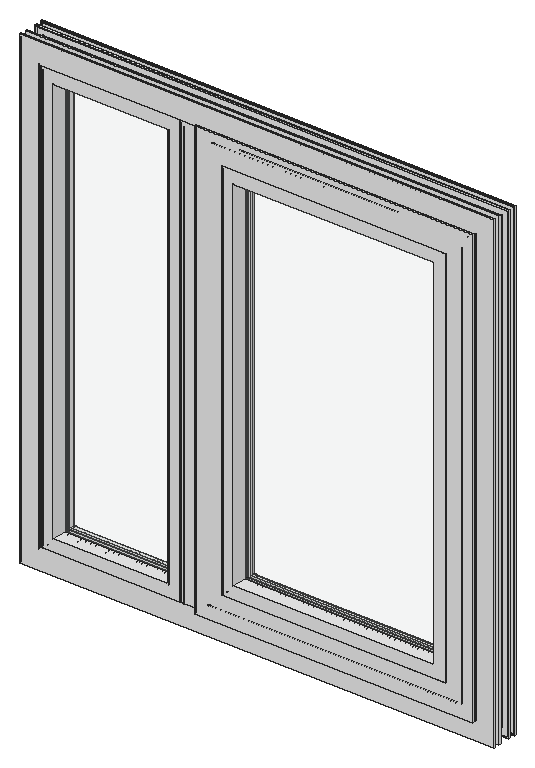
Revit family "Serene_T&T_Window_B_Custom", category Windows, host Wall, Revit 2014
Parameters (values of type "Serene_T&T_Window_B_Custom")
  Windload Design = if(Custom Windload < 1001 mm, 1000 mm, if(Custom Windload < 1501 mm, 1500 mm, 2000 mm))  # 1000 mm
  Width Sash [instance] = 522 mm
  Width = if(Custom Window Width > Limit Window Width Max, Limit Window Width Max, if(Custom Window Width < Limit Window Width Min, Limit Window Width Min, Custom Window Width))  # 890 mm
  Wall Thickness [instance] = 200 mm
  URL = "http://www.crealco.co.za/crealco-products.php"
  Thermal Resistance (R) [instance] = if(and(Custom U Value > 0.5678, 1 / Custom U Value < 36.9087), Custom U Value, if(not(Custom U Value > 0.5678), 1 / 0.5679, 1 / 36.9086)) * 1.0000 (m²·K)/W  # 1.76087 (m²·K)/W
  Solar Heat Gain Coefficient [instance] = if(and(not(Custom SHGC Value < 0), not(Custom SHGC Value > 1)), Custom SHGC Value, if(Custom U Value < 0, 0, 1))  # 0
  Sash Width = if(Custom Sash Width > Limit Sash Width Max, Limit Sash Width Max, if(Custom Sash Width < Limit Sash Width Min, Limit Sash Width Min, Custom Sash Width))  # 522 mm
  Sash Overlap = 28 mm  # constant formula
  Sash Height = Height - (2 * Sash Edge Gap)  # 822 mm
  Sash Frame Gasket = 3.4 mm  # constant formula
  Sash Edge Gap = 34 mm  # constant formula
  Overall Width [instance] = 890 mm
  Overall Height [instance] = 890 mm
  Max System DG Unit Thickness = 20 mm  # constant formula
  Max System DG One Piece Thickness = rounddown((Max System DG Unit Thickness - 12 mm) / 2 mm) * 1 mm  # 4 mm
  Max Pane Area = if(Area Glazing Sash > Area Glazing Fixed Panel, Area Glazing Sash, Area Glazing Fixed Panel)  # 0.304227 m²
  Limit Fixed Panel Width Max = 1800 mm  # constant formula
  Limit Fixed Pane Height Min = 200 mm  # constant formula
  Custom U Value = 0
  Custom SHGC Value = 0
  IGDB or SAGDB Number [instance] = 0
  Height Sash [instance] = 822 mm
  Height = if(Custom Window Height > Limit Window Height Max, Limit Window Height Max, if(Custom Window Height < Limit Window Height Min, Limit Window Height Min, Custom Window Height))  # 890 mm
  Heat Transfer Coefficient (U) [instance] = if(and(Custom U Value > 0.5678, Custom U Value < 36.9087), Custom U Value, if(not(Custom U Value > 0.5678), 0.5679, 36.9086)) * 1.0000 W/(m²·K)  # 0.5679 W/(m²·K)
  Glazing Material [instance] = if(IGDB or SAGDB Number = 1000015, "PFG CLEARVUE 4mm", if(IGDB or SAGDB Number = 9922, "PFG ENERGY ADVANTAGE 4mm LOW-E", if(IGDB or SAGDB Number = 100100, "PFG INTRUDERPRUFE 6.38mm", if(IGDB or SAGDB Number = 103200, "PFG INTRUDERPRUFE LOW-E 7.38mm", if(IGDB or SAGDB Number = 105001, "PFG 20mm CLEARVUE INSULATED GLASS", if(IGDB or SAGDB Number = 105002, "PFG 20mm CLEARVUE INSULATED GLASS LOW-E", "Unknown"))))))  # "Unknown"
  Glazing Code [instance] = if(IGDB or SAGDB Number = 1000015, "CF4", if(IGDB or SAGDB Number = 9922, "CF4E", if(IGDB or SAGDB Number = 100100, "LAM01", if(IGDB or SAGDB Number = 103200, "LAM01E", if(IGDB or SAGDB Number = 105001, "IGU20", if(IGDB or SAGDB Number = 105002, "IGU20E", "Unknown"))))))  # "Unknown"
  Frame Width = 62 mm  # constant formula
  Frame Thickness = 52 mm  # constant formula
  Frame Offset From Exterior [instance] = if(Centered In Wall, (Wall Thickness - Frame Thickness) / 2, Custom Window Exterior Offset)  # 74 mm
  Fixed Panel Width = Width - Sash Width - 34 mm - 34 mm - 40 mm  # 260 mm
  Fixed Panel Height = Height - (2 mm * 40)  # 810 mm
  DG Thickness Calc = if(not(Max Pane Area > 1.125 m²), 4 mm, if(not(Max Pane Area > 2.25 m²), 4 mm, if(not(Max Pane Area > 3.15 m²), 5 mm, if(not(Max Pane Area > 4.35 m²), 6 mm, if(not(Max Pane Area > 6.45 m²), 8 mm, 10 mm)))))  # 4 mm
  DG Thickness [instance] = if(IGDB or SAGDB Number = 105001, 4 mm, if(IGDB or SAGDB Number = 105002, 4 mm, if(DG Thickness Calc > Max System DG One Piece Thickness, Max System DG One Piece Thickness, DG Thickness Calc)))  # 4 mm
  DG Gasket Tickness = 12 mm  # constant formula
  Custom Window Width = 890 mm
  Custom Window Height = 890 mm
  Custom Window Exterior Offset = 0 mm
  Custom Windload = 1000 mm
  Custom Sash Width = 522 mm
  Single Glazing [instance] = not(Double Glazing)  # yes
  SG Thickness [instance] = if(IGDB or SAGDB Number = 1000015, 4 mm, if(IGDB or SAGDB Number = 9922, 4 mm, if(IGDB or SAGDB Number = 100100, 6 mm, if(IGDB or SAGDB Number = 103200, 7 mm, if(not(Max Pane Area > 0.75 m²), 4 mm, if(not(Max Pane Area > 1.50 m²), 4 mm, if(not(Max Pane Area > 2.10 m²), 5 mm, if(not(Max Pane Area > 2.90 m²), 6.4 mm, if(not(Max Pane Area > 4.30 m²), 8 mm, 10 mm)))))))))  # 4 mm
  Model = "Serene"  # constant formula
  Manufacturer = "Crealco"  # constant formula
  Limit Window Width Min = Limit Fixed Panel Width Min + Sash Width + Sash Edge Gap + 34 mm + 40 mm  # 830 mm
  Limit Window Width Max = Limit Fixed Panel Width Max + Sash Width + Sash Edge Gap + 34 mm + 40 mm  # 2430 mm
  Limit Window Height Min = Limit Sash Height Min + (2 * Sash Edge Gap)  # 368 mm
  Limit Window Height Max = Limit Sash Height Max + (2 * Sash Edge Gap)  # 1568 mm
  Limit Sash Width Min = 300 mm  # constant formula
  Limit Sash Width Max = 700 mm  # constant formula
  Limit Sash Height Min = 300 mm  # constant formula
  Limit Sash Height Max = 1500 mm  # constant formula
  Limit Fixed Panel Width Min = 200 mm  # constant formula
  Length Mullion = Height - (2 mm * 40)  # 810 mm
  Glazing Finish [instance] = Glass
  Double Glazing [instance] = no
  Description = "Tilt and turn window, Type B custom"  # constant formula
  Default Sill Height = 800 mm
  Wall Closure = By host
  DG Gasket Finish = Double Glazing Gasket Material
  Centered In Wall = yes
  Area Glazing Sash = (Sash Width - (2 mm * 50.2)) * (Sash Height - (2 mm * 50.2))  # 0.304227 m²
  Area Glazing Fixed Panel = (Fixed Panel Width - 10 mm) * (Fixed Panel Height - 10 mm)  # 0.20 m²
  Aluminium Finish [instance] = White Powder Coated Aluminium
  All Available Glazing Numbers [instance] = "The rows below list the available glazing materials for this window:"  # constant formula
  9922 [instance] = "CF4E"  # constant formula
  105002 [instance] = "IGU20E"  # constant formula
  105001 [instance] = "IGU20"  # constant formula
  103200 [instance] = "LAM01E"  # constant formula
  100100 [instance] = "LAM01"  # constant formula
  1000015 [instance] = "CF4"  # constant formula
Reference planes
  plane 1 "Center (Front/Back)": y = 0
  plane 2 "Center (Left/Right)": x = 0
  plane 3 "Left": x = -445
  plane 4 "Right": x = 445
  plane 5 "Sill": z = 800
  plane 6 "Head": z = 1690
  plane 7 "Exterior": y = 100
  plane 8 "Interior": y = -100
  plane 9: y = 0
Lines and regions (mm)
  Opening 1
    outline origin (3500, -100, 0) x (1, 0, 0) y (0, 0, 1)
      loop
        line (-3055, 800) -> (-3055, 1690) -> (-3945, 1690) -> (-3945, 800) -> (-3055, 800)
Text (mm)
  text "EXTERIOR" at (-1963.203, 1332.353, 0), in view "Ref. Level"
  text "INTERIOR" at (-1981.466, -818.386, 0), in view "Ref. Level"
  text "Exterior" at (0, 923.751, 2943.296), in view "Right"
  text "Exterior" at (0, 1040.484, 2685.409), in view "Left"
Dimensions and locks
  equal spacing: plane 3 "Left", plane 2 "Center (Left/Right)", plane 4 "Right"
  "Width": plane 3 "Left" to plane 4 "Right"
  "Height": plane 5 "Sill" to plane 6 "Head"
  "Default Sill Height": plane 5 "Sill" to level
  locked: plane 7 "Exterior" to host wall at 0
  locked: plane 8 "Interior" to host wall
  "Overall Height": plane 5 "Sill" to plane 6 "Head"
  "Overall Width": plane 3 "Left" to plane 4 "Right"
  "Frame Offset From Exterior": nested 1 to plane 7 "Exterior"
  "Wall Thickness": host wall to host wall
  "Sash Edge Gap": plane 6 "Head" to nested 3
  "Sash Frame Gasket": nested 3 to nested 1
  "Sash Edge Gap": nested 3 to plane 4 "Right"
  "Sash Overlap": nested 3 to nested 2
  "Width Sash": nested 3 to nested 3
  "Height Sash": nested 3 to nested 3
  aligned and locked: plane 9 to host wall
  aligned and locked: nested 1 to plane 4 "Right"
  aligned and locked: nested 1 to plane 6 "Head"
  aligned and locked: nested 2 to nested 1
  aligned and locked: nested 4 to nested 1  (x2)
  aligned and locked: nested 1 to nested 4
Automatic sketch dimensions
  Opening 1 sketch curve to plane 3 "Left" = 0 mm
  Opening 1 sketch curve to plane 4 "Right" = 0 mm
  Opening 1 sketch curve to plane 5 "Sill" = 0 mm
  Opening 1 sketch curve to plane 6 "Head" = 0 mm
Nested families
  nested 1: "Serene_Frame_Rounded_Ext_52mm_B_Cust" at (-445, -26, 800), Frame Width <- "Width", Frame Height <- "Height", Profile Material <- "Aluminium Finish", type "Serene_Frame_Rounded_Ext_52mm_B_Cust"
    with Profile Material White Powder Coated Aluminium, Frame Width 890 mm, Frame Height 890 mm
  nested 2: "Serene_Mullion_44mm_Flat_B_Cust" at (-78.25, -33.553, 840) x (0, 1, 0) z (0, 0, 1), Length Mullion <- "Length Mullion", Profile Material <- "Aluminium Finish", type "Serene_Mullion_44mm_Flat_B_Cust"
    with Profile Material White Powder Coated Aluminium, Length Mullion 810 mm
  nested 3: "Serene_Sash_Open_In_72mm_B_Cust" at (411, -32.8, 834) x (-1, 0, 0) z (0, 0, 1), Profile Material <- "Aluminium Finish", Glazing Material <- "Glazing Finish", Double Glazing Gasket Material <- "DG Gasket Finish", Width Sash <- "Sash Width", Height Sash <- "Sash Height", SG Glazing Thickness <- "SG Thickness", DG Glazing Thickness <- "DG Thickness", DG Gasket Thickness <- "DG Gasket Tickness", Double Glazing <- "Double Glazing", Single Glazing <- "Single Glazing", type "Serene_Sash_Open_In_72mm_B_Cust"
    with Width Sash 522 mm, Width Bead 422 mm, Tilt yes, Single Glazing yes, SG Offset 32.25 mm, SG Glazing Thickness 4 mm, Right Hinged yes, Profile Material White Powder Coated Aluminium, Left Hinged no, Height Sash 822 mm, Height Bead 722 mm, Glazing Width 421.6 mm, Glazing Material Glass, Glazing Height 721.6 mm, Double Glazing Gasket Material Double Glazing Gasket Material, Double Glazing no, DG Offset 18.75 mm, DG Glazing Thickness 4 mm, DG Gasket Thickness 12 mm
  nested 4: "Serene_Fixed_Panel_B_Cust" at (-405, -26, 840), Profile Material <- "Aluminium Finish", Glazing Material <- "Glazing Finish", Double Glazing Gasket Material <- "DG Gasket Finish", SG Thickness <- "SG Thickness", Fixed Panel Width <- "Fixed Panel Width", Fixed Panel Height <- "Fixed Panel Height", DG Thickness <- "DG Thickness", Single Glazing <- "Single Glazing", Double Glazing <- "Double Glazing", type "Serene_Fixed_Panel_B_Cust"
    with Single Glazing yes, SG Thickness 4 mm, SG Space Available 13 mm, SG Offset 4.5 mm, Profile Material White Powder Coated Aluminium, Glazing Width 250 mm, Glazing Material Glass, Glazing Height 800 mm, Fixed Panel Width 260 mm, Fixed Panel Height 810 mm, Double Glazing Gasket Material Double Glazing Gasket Material, Double Glazing no, DG Thickness 4 mm, DG Space Available 24 mm, DG Offset 2 mm, DG Gasket Thickness 12 mm
  nested 5: "Serene_Single_Glazing_Tilt_&_Turn_B_Cust" at (360.8, 3.45, 884.2), type "Serene_Single_Glazing_Tilt_&_Turn_B_Cust"
    with Tilt yes, Right Hinged yes, Left Hinged no, Half Width 210.8 mm, Half Height 360.8 mm, Glazing Width 421.6 mm, Glazing Thickness SG 4 mm, Glazing Material Glass, Glazing Height 721.6 mm
  nested 6: "Serene_Single_Glazing_Fixed_B_Cust" at (-150, 10, 845), type "Serene_Single_Glazing_Fixed_B_Cust"
    with Glazing Width 250 mm, Glazing Thickness SG 4 mm, Glazing Material Glass, Glazing Height 800 mm
Definition of nested family "Serene_Frame_Rounded_Ext_52mm_B_Cust"
  Parameters (values of type "Serene_Frame_Rounded_Ext_52mm")
    Profile Material [instance] = none
    Frame Width [instance] = 600 mm
    Frame Height [instance] = 900 mm
  Reference planes
    plane 1 "Center (Front/Back)": y = 0
    plane 2: z = 0
    plane 3 "Center (Left/Right)": x = 0
  Forms (mm)
    Sweep 1, solid, material <- "Profile Material"
      path origin (0, 0, 0) x (1, 0, 0) y (0, 0, 1)
        loop
          line (0, 0) -> (600, 0) -> (600, 900) -> (0, 900) -> (0, 0)
      profile origin (300, 0, 0) x (0, 0, 1) y (0, -1, 0)
        loop
          line (32.05, -9) -> (32.05, -8) -> (33.7, -8) -> (33.7, -1.3) -> (15.1, -1.3) -> (15.1, -8) -> (16.75, -8) -> (16.75, -9) -> (15.1, -9) -> (15.1, -42.5) -> (16.75, -42.5) -> (16.75, -43.5) -> (15.1, -43.5) -> (15.1, -50.7) -> (33.7, -50.7) -> (33.7, -43.5) -> (32.05, -43.5) -> (32.05, -42.5) -> (33.7, -42.5) -> (33.7, -9) -> (32.05, -9)
        loop
          arc (52.4, -49.7) -> (52.107, -48.993) -> (51.4, -48.7) r 1
          line (51.4, -48.7) -> (50.4, -48.7)
          arc (50.4, -48.7) -> (49.9, -49.2) -> (50.4, -49.7) r 0.5
          line (50.4, -49.7) -> (51.2, -49.7) -> (51.2, -50.7) -> (35, -50.7) -> (35, -49.7) -> (36, -49.7)
          arc (36, -49.7) -> (36.5, -49.2) -> (36, -48.7) r 0.5
          line (36, -48.7) -> (35, -48.7) -> (35, -35.9) -> (40, -35.9) -> (40, -32.956) -> (38.5, -31.79) -> (38.5, -34.6) -> (35, -34.6) -> (35, -21.1) -> (38.5, -21.1) -> (38.5, -26.41) -> (40, -25.244) -> (40, -18.807) -> (38, -17.818) -> (38, -19.5) -> (35, -19.5) -> (35, -1.5) -> (38, -1.5) -> (38, -4.182) -> (40, -3.193) -> (40, 0) -> (0, 0) -> (0, -2.7) -> (1.3, -2.7) -> (1.3, -1.5) -> (13.8, -1.5) -> (13.8, -13.05) -> (0, -13.05) -> (0, -16.05) -> (1.3, -16.05) -> (1.3, -14.35) -> (13.8, -14.35) -> (13.8, -37.65) -> (1.3, -37.65) -> (1.3, -35.95) -> (0, -35.95) -> (0, -38.95) -> (13.8, -38.95) -> (13.8, -50.5) -> (1.3, -50.5) -> (1.3, -49.3) -> (0, -49.3) -> (0, -52) -> (58, -52)
          arc (58, -52) -> (60.828, -50.828) -> (62, -48) r 4
          line (62, -48) -> (62, -40.5) -> (59.5, -40.5) -> (59.5, -41.7) -> (60.7, -41.7) -> (60.7, -43.7) -> (55.5, -43.7) -> (55.5, -41.7) -> (56.7, -41.7) -> (56.7, -40.5) -> (54.2, -40.5) -> (54.2, -44)
          arc (54.2, -44) -> (54.493, -44.707) -> (55.2, -45) r 1
          line (55.2, -45) -> (60.7, -45) -> (60.7, -48)
          arc (60.7, -48) -> (59.909, -49.909) -> (58, -50.7) r 2.7
          line (58, -50.7) -> (52.4, -50.7) -> (52.4, -49.7)
  Lines and regions (mm)
    model lines, style "GenericModel"
      curve 1: line (600, 52, 900) -> (541.992, 52, 841.992)
      curve 2: line (0, 52, 900) -> (58.006, 52, 841.994)
      curve 3: line (0, 52, 0) -> (58.008, 52, 58.008)
      curve 4: line (600, 52, 0) -> (541.992, 52, 58.008)
      curve 5: line (0, 0, 900) -> (40, 0, 860)
      curve 6: line (600, 0, 900) -> (560, 0, 860)
      curve 7: line (600, 0, 0) -> (560, 0, 40)
      curve 8: line (0, 0, 0) -> (40, 0, 40)
  Dimensions and locks
    "Frame Width": Sweep 1 sketch curve to Sweep 1 sketch curve
    "Frame Height": Sweep 1 sketch curve to Sweep 1 sketch curve
    aligned and locked: level to plane 2
  Automatic sketch dimensions
    Sweep 1 sketch curve to Sweep 1 sketch curve = 0 mm  (x9)
    Sweep 1 sketch curve to profile plane = 0 mm  (x4)
    Sweep 1 sketch curve to Sweep 1 sketch curve = 1.3 mm  (x13)
    Sweep 1 sketch curve to Sweep 1 sketch curve = 12.5 mm  (x2)
    Sweep 1 sketch curve to Sweep 1 sketch curve = 1.65 mm  (x4)
    Sweep 1 sketch curve to Sweep 1 sketch curve = 15.3 mm  (x2)
    Sweep 1 sketch curve to Sweep 1 sketch curve = 1 mm  (x10)
    Sweep 1 sketch curve to Sweep 1 sketch curve = 3 mm  (x3)
    Sweep 1 sketch curve to Sweep 1 sketch curve = 0.5 mm  (x2)
    Sweep 1 sketch curve to Sweep 1 sketch curve = 3.5 mm
    Sweep 1 sketch curve to Sweep 1 sketch curve = 2 mm  (x3)
    Sweep 1 sketch curve to Sweep 1 sketch curve = 1.5 mm  (x3)
    Sweep 1 sketch curve to Sweep 1 sketch curve = 14.4 mm
    Sweep 1 sketch curve to Sweep 1 sketch curve = 0.8 mm
    Sweep 1 sketch curve to Sweep 1 sketch curve = 0.2 mm  (x3)
    Sweep 1 sketch curve to Sweep 1 sketch curve = 2.8 mm  (x3)
    Sweep 1 sketch curve to Sweep 1 sketch curve = 0.3 mm
    Sweep 1 sketch curve to Sweep 1 sketch curve = 1.2 mm  (x6)
    Sweep 1 sketch curve to plane 1 "Center (Front/Back)" = 52 mm
    Sweep 1 sketch curve to Sweep 1 sketch curve = 5.2 mm
    Sweep 1 sketch curve to Sweep 1 sketch curve = 7 mm
    Sweep 1 sketch curve to Sweep 1 sketch curve = 10.35 mm  (x2)
    Sweep 1 sketch curve to Sweep 1 sketch curve = 1.7 mm  (x2)
    Sweep 1 sketch curve to Sweep 1 sketch curve = 6.6 mm
    Sweep 1 sketch curve to Sweep 1 sketch curve = 1.644 mm
    Sweep 1 sketch curve to Sweep 1 sketch curve = 1.167 mm  (x2)
    Sweep 1 sketch curve to Sweep 1 sketch curve = 5.379 mm
    Sweep 1 sketch curve to Sweep 1 sketch curve = 4.144 mm
    Sweep 1 sketch curve to Sweep 1 sketch curve = 1.6 mm
    Sweep 1 sketch curve to Sweep 1 sketch curve = 0.693 mm
    Sweep 1 sketch curve to Sweep 1 sketch curve = 1.682 mm
    Sweep 1 sketch curve to Sweep 1 sketch curve = 19.9 mm
    Sweep 1 sketch curve to Sweep 1 sketch curve = 8.818 mm
    Sweep 1 sketch curve to Sweep 1 sketch curve = 4.05 mm
    Sweep 1 sketch curve to Sweep 1 sketch curve = 3.818 mm
    Sweep 1 sketch curve to Sweep 1 sketch curve = 0.99 mm
    Sweep 1 sketch curve to Sweep 1 sketch curve = 6.5 mm
    Sweep 1 sketch curve to Sweep 1 sketch curve = 1.693 mm
    curve 1 to Sweep 1 = 0 mm
    Sweep 1 to curve 1 = 0 mm
    curve 2 to Sweep 1 = 0 mm  (x2)
    curve 3 to Sweep 1 = 0 mm  (x2)
    curve 4 to Sweep 1 = 0 mm  (x2)
    curve 2 to Sweep 1 = 0.006 mm  (x2)
    curve 3 to Sweep 1 = 0.008 mm  (x2)
    curve 1 to Sweep 1 = 0.008 mm  (x2)
    curve 4 to Sweep 1 = 0.008 mm  (x2)
    curve 5 to Sweep 1 = 0 mm  (x4)
    curve 6 to Sweep 1 = 0 mm  (x4)
    curve 7 to Sweep 1 = 0 mm  (x3)
    Sweep 1 to curve 7 = 0 mm
    curve 8 to Sweep 1 = 0 mm  (x3)
    Sweep 1 to curve 8 = 0 mm
    Sweep 1 sketch curve to plane 3 "Center (Left/Right)" = 0 mm
    Sweep 1 sketch curve to level = 0 mm
Definition of nested family "Serene_Mullion_44mm_Flat_B_Cust"
  Parameters (values of type "Serene_Mullion_44mm_Flat")
    Profile Material [instance] = none
    Length Mullion [instance] = 250 mm
    Length Cut = 22 mm
  Reference planes
    plane 1 "Center (Front/Back)": y = 0
    plane 2: z = 0
    plane 3 "Center (Left/Right)": x = 0
  Forms (mm)
    Extrusion 1, solid, material <- "Profile Material"
      sketch origin (0, 0, 0) x (1, 0, 0) y (0, 1, 0)
        loop
          line (9.056, 33.15) -> (50.755, 33.15) -> (50.755, 60.35) -> (9.056, 60.35) -> (9.056, 33.15)
        loop
          line (52.256, 88.75) -> (48.053, 88.75) -> (48.053, 86.25) -> (49.253, 86.25) -> (49.253, 87.45) -> (50.757, 87.45) -> (50.757, 82.25) -> (49.253, 82.25) -> (49.253, 83.45) -> (48.053, 83.45) -> (48.053, 80.95) -> (50.755, 80.95) -> (50.755, 61.75) -> (43.453, 61.75) -> (43.453, 66.75) -> (40.51, 66.75) -> (39.343, 65.25) -> (42.153, 65.25) -> (42.153, 61.75) -> (28.653, 61.75) -> (28.653, 65.25) -> (33.964, 65.25) -> (32.797, 66.75) -> (26.361, 66.75) -> (25.371, 64.75) -> (27.053, 64.75) -> (27.053, 61.75) -> (9.053, 61.75) -> (9.053, 64.75) -> (11.736, 64.75) -> (10.746, 66.75) -> (7.553, 66.75) -> (7.553, 26.749) -> (10.746, 26.749) -> (11.736, 28.749) -> (9.053, 28.749) -> (9.053, 31.749) -> (27.053, 31.749) -> (27.053, 28.749) -> (25.371, 28.749) -> (26.361, 26.749) -> (32.797, 26.749) -> (33.964, 28.249) -> (28.653, 28.249) -> (28.653, 31.749) -> (42.153, 31.749) -> (42.153, 28.249) -> (39.343, 28.249) -> (40.51, 26.749) -> (43.453, 26.749) -> (43.453, 31.749) -> (50.755, 31.749) -> (50.755, 12.55) -> (48.053, 12.55) -> (48.053, 10.05) -> (49.253, 10.05) -> (49.253, 11.25) -> (50.757, 11.25) -> (50.757, 6.05) -> (49.253, 6.05) -> (49.253, 7.25) -> (48.053, 7.25) -> (48.053, 4.75) -> (52.256, 4.75) -> (52.256, 88.75)
      from 0 to 250 <- "Length Mullion"
    Extrusion 2, void
      sketch origin (0, 0, 250) x (0, 1, 0) y (1, 0, 0)
        loop
          line (88.75, 48.053) -> (88.75, 52.256) -> (4.75, 52.256) -> (4.75, 48.053) -> (88.75, 48.053)
      from 0 to 22 <- "Length Cut"
    Extrusion 3, void
      sketch origin (0, 0, 0) x (1, 0, 0) y (0, 1, 0)
        loop
          line (48.053, 4.75) -> (52.256, 4.75) -> (52.256, 88.75) -> (48.053, 88.75) -> (48.053, 4.75)
      from 0 to 22 <- "Length Cut"
  Cuts and joins
    Extrusion 2, Extrusion 3 cuts Extrusion 1
  Dimensions and locks
    aligned and locked: level to plane 2
Definition of nested family "Serene_Sash_Open_In_72mm_B_Cust"
  Parameters (values of type "Serene_Sash_Open_In_72mm")
    Width Sash [instance] = 600 mm
    Width Bead [instance] = Width Sash - (Bead Edge Offset * 2)  # 500 mm
    Tilt [instance] = yes
    Single Glazing [instance] = yes
    SG Offset [instance] = Rear Glazing Channel Offset - SG Available Space + ((SG Available Space - SG Glazing Thickness) / 2)  # 32.25 mm
    SG Glazing Thickness [instance] = 4 mm
    SG Available Space = 13.5 mm  # constant formula
    Right Hinged [instance] = yes
    Rear Glazing Channel Offset = 41 mm  # constant formula
    Profile Material [instance] = none
    Left Hinged [instance] = yes
    Height Sash [instance] = 900 mm
    Height Bead [instance] = Height Sash - (Bead Edge Offset * 2)  # 800 mm
    Glazing Width [instance] = Width Sash - (Glazing Edge Offset * 2)  # 499.6 mm
    Glazing Material [instance] = Glass
    Glazing Height [instance] = Height Sash - (Glazing Edge Offset * 2)  # 799.6 mm
    Glazing Edge Offset = 50.2 mm  # constant formula
    Double Glazing Gasket Material [instance] = none
    Double Glazing [instance] = yes
    DG Offset [instance] = Rear Glazing Channel Offset - DG Available Space + ((DG Available Space - DG Gasket Thickness - (2 * DG Glazing Thickness)) / 2)  # 18.75 mm
    DG Glazing Thickness [instance] = 4 mm
    DG Gasket Thickness [instance] = 12 mm
    DG Available Space = 24.5 mm  # constant formula
    Bead Edge Offset = 50 mm  # constant formula
  Reference planes
    plane 1 "Center (Front/Back)": y = 0
    plane 2: z = 0
    plane 3 "Center (Left/Right)": x = 0
  Forms (mm)
    Sweep 1, solid, material <- "Profile Material"
      path origin (0, 0, 0) x (1, 0, 0) y (0, 0, 1)
        loop
          line (0, 0) -> (600, 0) -> (600, 900) -> (0, 900) -> (0, 0)
      profile origin (300, 0, 0) x (0, 0, 1) y (0, -1, 0)
        loop
          line (21.76, 25.1) -> (23.96, 25.1) -> (23.96, 10.1) -> (21.76, 10.1) -> (21.76, 7.4) -> (18.76, 7.4) -> (18.76, 10.524) -> (17.46, 9.224) -> (17.46, 7.1)
          arc (17.46, 7.1) -> (17.753, 6.393) -> (18.46, 6.1) r 1
          line (18.46, 6.1) -> (23.96, 6.1) -> (23.96, 3.4) -> (22.8, 3.4)
          arc (22.8, 3.4) -> (22.3, 2.9) -> (22.8, 2.4) r 0.5
          line (22.8, 2.4) -> (23.96, 2.4) -> (23.96, 1.3) -> (7.7, 1.3) -> (7.7, 2.4) -> (8.5, 2.4) -> (8.5, 3.4) -> (5.3, 3.4) -> (5.3, 2.4) -> (6.6, 2.4) -> (6.6, 1.1) -> (1.2, 1.1) -> (1.2, 2.4) -> (2.5, 2.4) -> (2.5, 3.4) -> (0, 3.4) -> (0, 0) -> (49.96, 0) -> (49.96, 3.18) -> (48.16, 4.22) -> (48.16, 1.5) -> (45.16, 1.5) -> (45.16, 20.1) -> (48.16, 20.1) -> (48.16, 17.88) -> (49.96, 18.92) -> (49.96, 21.6) -> (45.16, 21.6) -> (45.16, 40) -> (37.96, 47) -> (37.96, 50.7) -> (43.96, 50.7) -> (43.96, 49.3)
          arc (43.96, 49.3) -> (44.253, 48.593) -> (44.96, 48.3) r 1
          line (44.96, 48.3) -> (46.21, 48.3)
          arc (46.21, 48.3) -> (46.71, 48.8) -> (46.21, 49.3) r 0.5
          line (46.21, 49.3) -> (44.96, 49.3) -> (44.96, 50.7) -> (61.46, 50.7) -> (61.46, 49.3) -> (60.21, 49.3)
          arc (60.21, 49.3) -> (59.71, 48.8) -> (60.21, 48.3) r 0.5
          line (60.21, 48.3) -> (61.46, 48.3)
          arc (61.46, 48.3) -> (62.167, 48.593) -> (62.46, 49.3) r 1
          line (62.46, 49.3) -> (62.46, 50.7) -> (66.96, 50.7)
          arc (66.96, 50.7) -> (69.576, 49.616) -> (70.66, 47) r 3.7
          line (70.66, 47) -> (70.66, 45.5) -> (64.16, 45.5) -> (64.16, 41) -> (66.66, 41) -> (66.66, 42.2) -> (65.46, 42.2) -> (65.46, 44.2) -> (70.66, 44.2) -> (70.66, 42.2) -> (69.46, 42.2) -> (69.46, 41) -> (71.96, 41) -> (71.96, 47)
          arc (71.96, 47) -> (70.496, 50.536) -> (66.96, 52) r 5
          line (66.96, 52) -> (33.006, 52) -> (33.006, 50.7) -> (34.46, 50.7) -> (36.66, 50.7) -> (36.66, 47.3) -> (26.46, 47.3) -> (23.536, 47.3) -> (24.836, 46) -> (26.96, 46) -> (26.96, 35.2) -> (23.935, 35.2) -> (18.293, 34.246)
          arc (18.293, 34.246) -> (17.696, 33.906) -> (17.46, 33.26) r 1
          line (17.46, 33.26) -> (17.46, 25.976) -> (18.76, 24.676) -> (18.76, 27.3) -> (21.76, 27.3) -> (21.76, 25.1)
        loop
          line (43.86, 33.9) -> (42.16, 33.9) -> (42.16, 35.2) -> (43.86, 35.2) -> (43.86, 39.451) -> (37.124, 46) -> (28.26, 46) -> (28.26, 34.9)
          arc (28.26, 34.9) -> (27.967, 34.193) -> (27.26, 33.9) r 1
          line (27.26, 33.9) -> (24.094, 33.9) -> (18.76, 33.007) -> (18.76, 28.6) -> (22.06, 28.6)
          arc (22.06, 28.6) -> (22.767, 28.307) -> (23.06, 27.6) r 1
          line (23.06, 27.6) -> (23.06, 26.4) -> (24.26, 26.4)
          arc (24.26, 26.4) -> (24.967, 26.107) -> (25.26, 25.4) r 1
          line (25.26, 25.4) -> (25.26, 24.337) -> (25.26, 9.8)
          arc (25.26, 9.8) -> (24.967, 9.093) -> (24.26, 8.8) r 1
          line (24.26, 8.8) -> (23.06, 8.8) -> (23.06, 7.4) -> (24.26, 7.4)
          arc (24.26, 7.4) -> (24.967, 7.107) -> (25.26, 6.4) r 1
          line (25.26, 6.4) -> (25.26, 1.3) -> (43.86, 1.3) -> (43.86, 33.9)
  Lines and regions (mm)
    model lines, style "GenericModel"
      curve 1: line (600, 0, 900) -> (550.04, 0, 850.04)
      curve 2: line (0, 0, 900) -> (49.96, 0, 850.04)
      curve 3: line (0, 0, 0) -> (49.96, 0, 49.96)
      curve 4: line (600, 0, 0) -> (550.04, 0, 49.96)
      curve 5: line (33.953, -50.7, 866.047) -> (66.968, -50.7, 833.032)
      curve 6: line (566.047, -50.7, 866.047) -> (533, -50.7, 833)
      curve 7: line (566.047, -50.7, 33.953) -> (533.032, -50.7, 66.968)
      curve 8: line (33.953, -50.7, 33.953) -> (66.968, -50.7, 66.968)
      curve 9: line (33.006, -52, 866.994) -> (66.968, -52, 833.032)
      curve 10: line (566.994, -52, 866.994) -> (533, -52, 833)
      curve 11: line (33.006, -52, 33.006) -> (66.968, -52, 66.968)
      curve 12: line (566.994, -52, 33.006) -> (533.032, -52, 66.968)
      curve 13: line (23.536, -47.3, 876.464) -> (33.006, -47.3, 866.994)
      curve 14: line (576.464, -47.3, 876.464) -> (566.994, -47.3, 866.994)
      curve 15: line (576.464, -47.3, 23.536) -> (566.994, -47.3, 33.006)
      curve 16: line (23.536, -47.3, 23.536) -> (33.006, -47.3, 33.006)
  Dimensions and locks
    "Width Sash": Sweep 1 sketch curve to Sweep 1 sketch curve
    "Height Sash": Sweep 1 sketch curve to Sweep 1 sketch curve
    "Bead Edge Offset": nested 1 to plane 2
    "Bead Edge Offset": nested 2 to plane 2
    "Bead Edge Offset": plane 3 "Center (Left/Right)" to nested 1
    "Bead Edge Offset": plane 3 "Center (Left/Right)" to nested 2
    "Glazing Edge Offset": plane 3 "Center (Left/Right)" to nested 3
    "Glazing Edge Offset": nested 3 to plane 2
    "SG Offset": nested 3 to plane 1 "Center (Front/Back)"
    "DG Offset": nested 4 to plane 1 "Center (Front/Back)"
    "Glazing Edge Offset": plane 3 "Center (Left/Right)" to nested 4
    "Glazing Edge Offset": nested 4 to level
    aligned and locked: level to plane 2
    aligned and locked: nested 1 to plane 1 "Center (Front/Back)"
    aligned and locked: nested 2 to plane 1 "Center (Front/Back)"
  Automatic sketch dimensions
    curve 1 to Sweep 1 = 0 mm  (x3)
    Sweep 1 to curve 1 = 0 mm
    curve 2 to Sweep 1 = 0 mm  (x3)
    Sweep 1 to curve 2 = 0 mm
    curve 3 to Sweep 1 = 0 mm  (x4)
    curve 4 to Sweep 1 = 0 mm  (x4)
    curve 8 to Sweep 1 = 30.308 mm  (x2)
    curve 5 to Sweep 1 = 30.308 mm  (x2)
    curve 6 to Sweep 1 = 30.34 mm  (x2)
    curve 7 to Sweep 1 = 30.308 mm  (x2)
    Sweep 1 sketch curve to Sweep 1 sketch curve = 0 mm  (x12)
    Sweep 1 sketch curve to plane 1 "Center (Front/Back)" = 0 mm
    profile plane to Sweep 1 sketch curve = 0 mm
    Sweep 1 sketch curve to profile plane = 1.2 mm
    Sweep 1 sketch curve to Sweep 1 sketch curve = 1.3 mm  (x21)
    Sweep 1 sketch curve to Sweep 1 sketch curve = 2.8 mm  (x2)
    Sweep 1 sketch curve to Sweep 1 sketch curve = 1.1 mm  (x2)
    Sweep 1 sketch curve to Sweep 1 sketch curve = 0.8 mm
    Sweep 1 sketch curve to profile plane = 17.46 mm
    Sweep 1 sketch curve to Sweep 1 sketch curve = 8.96 mm
    Sweep 1 sketch curve to Sweep 1 sketch curve = 0.833 mm
    Sweep 1 sketch curve to Sweep 1 sketch curve = 0.167 mm
    Sweep 1 sketch curve to Sweep 1 sketch curve = 1 mm  (x10)
    Sweep 1 sketch curve to Sweep 1 sketch curve = 3 mm  (x4)
    Sweep 1 sketch curve to Sweep 1 sketch curve = 0.3 mm  (x6)
    plane 1 "Center (Front/Back)" to Sweep 1 sketch curve = 3.4 mm
    Sweep 1 sketch curve to Sweep 1 sketch curve = 1.04 mm
    Sweep 1 sketch curve to Sweep 1 sketch curve = 5.242 mm
    Sweep 1 sketch curve to Sweep 1 sketch curve = 5.175 mm
    Sweep 1 sketch curve to Sweep 1 sketch curve = 0.9 mm
    Sweep 1 sketch curve to Sweep 1 sketch curve = 1.16 mm
    Sweep 1 sketch curve to Sweep 1 sketch curve = 0.158 mm
    Sweep 1 sketch curve to Sweep 1 sketch curve = 1.2 mm  (x6)
    Sweep 1 sketch curve to Sweep 1 sketch curve = 1.624 mm
    Sweep 1 sketch curve to Sweep 1 sketch curve = 0.5 mm  (x3)
    Sweep 1 sketch curve to Sweep 1 sketch curve = 4.746 mm
    Sweep 1 sketch curve to Sweep 1 sketch curve = 1.454 mm
    Sweep 1 sketch curve to Sweep 1 sketch curve = 2.2 mm
    Sweep 1 sketch curve to Sweep 1 sketch curve = 0.464 mm
    Sweep 1 sketch curve to Sweep 1 sketch curve = 0.836 mm
    Sweep 1 sketch curve to Sweep 1 sketch curve = 5.036 mm
    plane 1 "Center (Front/Back)" to Sweep 1 sketch curve = 1.3 mm
    Sweep 1 sketch curve to Sweep 1 sketch curve = 18.6 mm
    Sweep 1 sketch curve to Sweep 1 sketch curve = 1.7 mm
    Sweep 1 sketch curve to Sweep 1 sketch curve = 6 mm
    Sweep 1 sketch curve to Sweep 1 sketch curve = 1.25 mm  (x2)
    plane 1 "Center (Front/Back)" to Sweep 1 sketch curve = 17.88 mm
    plane 1 "Center (Front/Back)" to Sweep 1 sketch curve = 18.92 mm
    Sweep 1 sketch curve to Sweep 1 sketch curve = 1.8 mm  (x2)
    Sweep 1 sketch curve to Sweep 1 sketch curve = 14 mm
    Sweep 1 sketch curve to Sweep 1 sketch curve = 2.7 mm  (x2)
    Sweep 1 sketch curve to Sweep 1 sketch curve = 1.5 mm  (x3)
    plane 1 "Center (Front/Back)" to Sweep 1 sketch curve = 1.1 mm
    plane 1 "Center (Front/Back)" to Sweep 1 sketch curve = 1.5 mm
    Sweep 1 sketch curve to Sweep 1 sketch curve = 1.68 mm
    Sweep 1 sketch curve to Sweep 1 sketch curve = 1.039 mm
    Sweep 1 sketch curve to Sweep 1 sketch curve = 1.4 mm  (x2)
    Sweep 1 sketch curve to Sweep 1 sketch curve = 2.124 mm
    Sweep 1 sketch curve to Sweep 1 sketch curve = 2.22 mm
    Sweep 1 sketch curve to Sweep 1 sketch curve = 14.237 mm
    Sweep 1 sketch curve to Sweep 1 sketch curve = 0.339 mm
    Sweep 1 sketch curve to Sweep 1 sketch curve = 0.763 mm
    Sweep 1 sketch curve to Sweep 1 sketch curve = 1.063 mm
    Sweep 1 sketch curve to Sweep 1 sketch curve = 1.324 mm
    Sweep 1 sketch curve to Sweep 1 sketch curve = 4.407 mm
    Sweep 1 sketch curve to Sweep 1 sketch curve = 0.254 mm
    Sweep 1 sketch curve to Sweep 1 sketch curve = 5.3 mm
    Sweep 1 sketch curve to Sweep 1 sketch curve = 12.3 mm
    Sweep 1 sketch curve to Sweep 1 sketch curve = 4.251 mm
    Sweep 1 sketch curve to Sweep 1 sketch curve = 0.549 mm
    Sweep 1 sketch curve to Sweep 1 sketch curve = 2 mm
    Sweep 1 sketch curve to Sweep 1 sketch curve = 10.8 mm
    Sweep 1 sketch curve to Sweep 1 sketch curve = 2.4 mm
    Sweep 1 sketch curve to Sweep 1 sketch curve = 3.4 mm
    curve 5 to Sweep 1 = 0.947 mm  (x2)
    curve 8 to Sweep 1 = 0.947 mm  (x2)
    curve 7 to Sweep 1 = 0.947 mm  (x2)
    curve 6 to Sweep 1 = 0.947 mm  (x2)
    curve 9 to Sweep 1 = 0 mm  (x2)
    curve 10 to Sweep 1 = 0 mm  (x2)
    Sweep 1 to curve 11 = 0 mm
    curve 11 to Sweep 1 = 0 mm
    curve 12 to Sweep 1 = 0 mm  (x2)
    curve 11 to Sweep 1 = 0.008 mm
    curve 9 to Sweep 1 = 0.008 mm  (x2)
    curve 10 to Sweep 1 = 0.04 mm  (x2)
    curve 12 to Sweep 1 = 0.008 mm
    Sweep 1 to curve 12 = 0.008 mm
    Sweep 1 to curve 11 = 0.008 mm
    curve 13 to Sweep 1 = 0 mm  (x2)
    curve 14 to Sweep 1 = 0 mm  (x2)
    curve 15 to Sweep 1 = 0 mm
    Sweep 1 to curve 15 = 0 mm
    curve 16 to Sweep 1 = 0 mm  (x2)
    Sweep 1 to curve 16 = 3.654 mm
    Sweep 1 to curve 13 = 3.654 mm  (x2)
    Sweep 1 to curve 15 = 3.654 mm
    Sweep 1 to curve 14 = 3.654 mm  (x2)
    curve 15 to Sweep 1 = 3.654 mm
    curve 16 to Sweep 1 = 3.654 mm
    Sweep 1 sketch curve to plane 3 "Center (Left/Right)" = 0 mm
    Sweep 1 sketch curve to level = 0 mm
  Nested families
    nested 1: "Serene_Bead_Square_12mm" at (550, 0, 50) x (-1, 0, 0) z (0, 0, 1), visible <- "Single Glazing", Profile Material <- "Profile Material", Width Bead <- "Width Bead", Height Bead <- "Height Bead", type "Serene_Bead_Square_12mm"
      with Width Bead 500 mm, Profile Material none, Height Bead 800 mm
    nested 2: "Serene_Bead_D_Glazing_Square" at (550, 0, 50) x (-1, 0, 0) z (0, 0, 1), Profile Material <- "Profile Material", visible <- "Double Glazing", Width Bead <- "Width Bead", Height Bead <- "Height Bead", type "Serene_Bead_D_Glazing_Square"
      with Width Bead 500 mm, Profile Material none, Height Bead 800 mm
    nested 3: "Serene_Single_Glazing_Tilt_&_Turn_B_Cust" at (50.2, -36.25, 50.2) x (-1, 0, 0) z (0, 0, 1), Glazing Width <- "Glazing Width", Glazing Height <- "Glazing Height", visible <- "Single Glazing", Glazing Material <- "Glazing Material", Glazing Thickness SG <- "SG Glazing Thickness", Tilt <- "Tilt", Right Hinged <- "Right Hinged", Left Hinged <- "Left Hinged", type "Serene_Single_Glazing_Tilt_&_Turn_B_Cust"
      with Tilt yes, Right Hinged yes, Left Hinged yes, Half Width 249.8 mm, Half Height 399.8 mm, Glazing Width 499.6 mm, Glazing Thickness SG 4 mm, Glazing Material Glass, Glazing Height 799.6 mm
    nested 4: "Serene_Double_Glazing_Tilt_&_Turn_B_Cust" at (50.2, -38.75, 50.2) x (-1, 0, 0) z (0, 0, 1), Glazing Width <- "Glazing Width", Glazing Height <- "Glazing Height", Glazing Thickness DG <- "DG Glazing Thickness", Double Glazing Gasket Thickness <- "DG Gasket Thickness", Double Glazing Gasket Material <- "Double Glazing Gasket Material", Glazing Material <- "Glazing Material", visible <- "Double Glazing", Tilt <- "Tilt", Left Hinged <- "Left Hinged", Right Hinged <- "Right Hinged", type "Serene_Double_Glazing_Tilt_&_Turn_B_Cust"
      with Tilt yes, Right Hinged yes, Left Hinged yes, Half Width 249.8 mm, Half Height 399.8 mm, Glazing Width 499.6 mm, Glazing Thickness DG 4 mm, Glazing Material Glass, Glazing Height 799.6 mm, Double Glazing Gasket Thickness 12 mm, Double Glazing Gasket Material none
  Definition of nested family "Serene_Bead_Square_12mm"
    Parameters (values of type "Serene_Bead_Square_12mm")
      Profile Material [instance] = none
      Width Bead [instance] = 600 mm
      Height Bead [instance] = 900 mm
    Reference planes
      plane 1 "Center (Front/Back)": y = 0
      plane 2: z = 0
      plane 3 "Center (Left/Right)": x = 0
    Forms (mm)
      Sweep 1, solid, material <- "Profile Material"
        path origin (0, 0, 0) x (1, 0, 0) y (0, 0, 1)
          loop
            line (0, 0) -> (600, 0) -> (600, 900) -> (0, 900) -> (0, 0)
        profile origin (300, 0, 0) x (0, 0, 1) y (0, -1, 0)
          loop
            line (20.8, -26.3) -> (19.6, -26.3) -> (19.6, -27.5) -> (22, -27.5) -> (22, 0) -> (0, 0) -> (0, -1.2) -> (1.2, -1.2) -> (1.2, -4.2) -> (-1.876, -4.2) -> (-1.876, -3.293) -> (-3.909, -4.467)
            arc (-3.909, -4.467) -> (-4.142, -5.029) -> (-3.659, -5.4) r 0.5
            line (-3.659, -5.4) -> (1.4, -5.4)
            arc (1.4, -5.4) -> (2.107, -5.107) -> (2.4, -4.4) r 1
            line (2.4, -4.4) -> (2.4, -1.2) -> (20.8, -1.2) -> (20.8, -16.2) -> (-3.659, -16.2)
            arc (-3.659, -16.2) -> (-4.142, -16.571) -> (-3.909, -17.133) r 0.5
            line (-3.909, -17.133) -> (-1.876, -18.307) -> (-1.876, -17.4) -> (20.8, -17.4) -> (20.8, -23.4) -> (14.6, -23.4) -> (14.6, -27.5) -> (17, -27.5) -> (17, -26.3) -> (15.8, -26.3) -> (15.8, -24.6) -> (20.8, -24.6) -> (20.8, -26.3)
    Lines and regions (mm)
      model lines, style "GenericModel"
        curve 1: line (22, 0, 878) -> (0, 0, 900)
        curve 2: line (578, 0, 878) -> (600, 0, 900)
        curve 3: line (578, 0, 22) -> (600, 0, 0)
        curve 4: line (22, 0, 22) -> (0, 0, 0)
    Dimensions and locks
      "Width Bead": Sweep 1 sketch curve to Sweep 1 sketch curve
      "Height Bead": Sweep 1 sketch curve to Sweep 1 sketch curve
      aligned and locked: level to plane 2
    Automatic sketch dimensions
      profile plane to Sweep 1 sketch curve = 3.909 mm
      Sweep 1 sketch curve to Sweep 1 sketch curve = 0 mm  (x4)
      Sweep 1 sketch curve to Sweep 1 sketch curve = 0.25 mm  (x2)
      Sweep 1 sketch curve to Sweep 1 sketch curve = 1.783 mm  (x2)
      Sweep 1 sketch curve to Sweep 1 sketch curve = 1.876 mm
      Sweep 1 sketch curve to Sweep 1 sketch curve = 3.076 mm
      Sweep 1 sketch curve to Sweep 1 sketch curve = 0.2 mm  (x2)
      Sweep 1 sketch curve to Sweep 1 sketch curve = 1.2 mm  (x9)
      Sweep 1 sketch curve to Sweep 1 sketch curve = 16.476 mm
      Sweep 1 sketch curve to Sweep 1 sketch curve = 2.6 mm
      Sweep 1 sketch curve to plane 1 "Center (Front/Back)" = 27.5 mm
      Sweep 1 sketch curve to Sweep 1 sketch curve = 1.7 mm
      Sweep 1 sketch curve to Sweep 1 sketch curve = 5.093 mm
      Sweep 1 sketch curve to Sweep 1 sketch curve = 6 mm
      Sweep 1 sketch curve to Sweep 1 sketch curve = 0.267 mm
      Sweep 1 sketch curve to Sweep 1 sketch curve = 0.433 mm
      Sweep 1 sketch curve to Sweep 1 sketch curve = 10.8 mm
      Sweep 1 sketch curve to Sweep 1 sketch curve = 0.5 mm
      Sweep 1 sketch curve to Sweep 1 sketch curve = 0.907 mm
      Sweep 1 sketch curve to Sweep 1 sketch curve = 2.093 mm
      Sweep 1 sketch curve to Sweep 1 sketch curve = 15 mm
      curve 1 to Sweep 1 = 0 mm  (x4)
      curve 4 to Sweep 1 = 0 mm  (x3)
      Sweep 1 to curve 4 = 0 mm
      curve 3 to Sweep 1 = 0 mm  (x3)
      curve 2 to Sweep 1 = 0 mm  (x4)
      Sweep 1 to curve 3 = 0 mm
      Sweep 1 sketch curve to plane 3 "Center (Left/Right)" = 0 mm
      Sweep 1 sketch curve to level = 0 mm
  Definition of nested family "Serene_Bead_D_Glazing_Square"
    Parameters (values of type "Serene_Bead_D_Glazing_Square")
      Width Bead [instance] = 900 mm
      Profile Material [instance] = none
      Height Bead [instance] = 1320 mm
    Reference planes
      plane 1 "Center (Front/Back)": y = 0
      plane 2: z = 0
      plane 3 "Center (Left/Right)": x = 0
    Forms (mm)
      Sweep 1, solid, material <- "Profile Material"
        path origin (0, 0, 0) x (1, 0, 0) y (0, 0, 1)
          loop
            line (0, 0) -> (900, 0) -> (900, 1320) -> (0, 1320) -> (0, 0)
        profile origin (450, 0, 0) x (0, 0, 1) y (0, -1, 0)
          loop
            line (22, -16.5) -> (22, 0) -> (0, 0) -> (0, -1.2) -> (1.2, -1.2) -> (1.2, -4.2) -> (-1.876, -4.2) -> (-1.876, -3.293) -> (-3.909, -4.467)
            arc (-3.909, -4.467) -> (-4.142, -5.029) -> (-3.659, -5.4) r 0.5
            line (-3.659, -5.4) -> (1.4, -5.4)
            arc (1.4, -5.4) -> (2.107, -5.107) -> (2.4, -4.4) r 1
            line (2.4, -4.4) -> (2.4, -1.2) -> (20.8, -1.2) -> (20.8, -12.4) -> (14.6, -12.4) -> (0, -16.7) -> (-3.659, -16.7)
            arc (-3.659, -16.7) -> (-4.142, -17.071) -> (-3.909, -17.633) r 0.5
            line (-3.909, -17.633) -> (-1.876, -18.807) -> (-1.876, -17.9) -> (0.173, -17.9) -> (14.6, -13.651) -> (14.6, -16.5) -> (17, -16.5) -> (17, -15.3) -> (15.8, -15.3) -> (15.8, -13.6) -> (20.8, -13.6) -> (20.8, -15.3) -> (19.6, -15.3) -> (19.6, -16.5) -> (22, -16.5)
    Lines and regions (mm)
      model lines, style "GenericModel"
        curve 1: line (22, 0, 1298) -> (0, 0, 1298)
        curve 2: line (878, 0, 1298) -> (900, 0, 1298)
        curve 3: line (878, 0, 22) -> (900, 0, 22)
        curve 4: line (22, 0, 22) -> (0, 0, 22)
    Dimensions and locks
      "Width Bead": Sweep 1 sketch curve to Sweep 1 sketch curve
      "Height Bead": Sweep 1 sketch curve to Sweep 1 sketch curve
      aligned and locked: level to plane 2
    Automatic sketch dimensions
      profile plane to Sweep 1 sketch curve = 3.909 mm  (x2)
      Sweep 1 sketch curve to Sweep 1 sketch curve = 0.25 mm  (x2)
      Sweep 1 sketch curve to Sweep 1 sketch curve = 2.033 mm
      Sweep 1 sketch curve to Sweep 1 sketch curve = 1.783 mm
      Sweep 1 sketch curve to Sweep 1 sketch curve = 1.876 mm  (x2)
      Sweep 1 sketch curve to Sweep 1 sketch curve = 0.173 mm
      Sweep 1 sketch curve to Sweep 1 sketch curve = 1.2 mm  (x9)
      Sweep 1 sketch curve to Sweep 1 sketch curve = 0.2 mm
      Sweep 1 sketch curve to Sweep 1 sketch curve = 12.2 mm
      Sweep 1 sketch curve to Sweep 1 sketch curve = 0 mm  (x4)
      Sweep 1 sketch curve to Sweep 1 sketch curve = 2.6 mm
      Sweep 1 sketch curve to plane 1 "Center (Front/Back)" = 18.807 mm
      Sweep 1 sketch curve to Sweep 1 sketch curve = 0.907 mm  (x2)
      Sweep 1 sketch curve to Sweep 1 sketch curve = 0.267 mm
      Sweep 1 sketch curve to Sweep 1 sketch curve = 0.433 mm
      Sweep 1 sketch curve to plane 1 "Center (Front/Back)" = 16.5 mm
      Sweep 1 sketch curve to Sweep 1 sketch curve = 1.649 mm
      Sweep 1 sketch curve to Sweep 1 sketch curve = 1.7 mm
      Sweep 1 sketch curve to Sweep 1 sketch curve = 1.251 mm
      Sweep 1 sketch curve to Sweep 1 sketch curve = 11.3 mm
      Sweep 1 sketch curve to Sweep 1 sketch curve = 0.5 mm
      Sweep 1 sketch curve to Sweep 1 sketch curve = 0.7 mm
      Sweep 1 sketch curve to Sweep 1 sketch curve = 3 mm
      curve 1 to Sweep 1 = 0 mm  (x3)
      curve 4 to Sweep 1 = 0 mm  (x2)
      Sweep 1 to curve 4 = 0 mm
      curve 3 to Sweep 1 = 0 mm  (x2)
      curve 2 to Sweep 1 = 0 mm  (x2)
      Sweep 1 to curve 3 = 0 mm
      Sweep 1 to curve 2 = 0 mm
      Sweep 1 sketch curve to plane 3 "Center (Left/Right)" = 0 mm
      Sweep 1 sketch curve to level = 0 mm
  Definition of nested family "Serene_Single_Glazing_Tilt_&_Turn_B_Cust"
    Parameters (values of type "Single_Glazing_Tilt_&_Turn")
      Tilt [instance] = yes
      Right Hinged [instance] = yes
      Left Hinged [instance] = yes
      Half Width [instance] = Glazing Width / 2  # 450 mm
      Half Height [instance] = Glazing Height / 2  # 750 mm
      Glazing Width [instance] = 900 mm
      Glazing Height [instance] = 1500 mm
      Glazing Thickness SG [instance] = 4 mm
      Glazing Material [instance] = Glass
      Glazing Bead Gap = 21.8 mm  # constant formula
    Reference planes
      plane 1 "Center (Front/Back)": y = 0
      plane 2: z = 0
      plane 3 "Center (Left/Right)": x = 0
    Forms (mm)
      Extrusion 1, solid, material "Glass" <- "Glazing Material"
        sketch origin (0, 0, 0) x (1, 0, 0) y (0, 0, 1)
          loop
            line (0, 0) -> (0, 1500) -> (-900, 1500) -> (-900, 0) -> (0, 0)
        from 0 to 4 <- "Glazing Thickness SG"
    Lines and regions (mm)
      model lines, style "GenericModelHiddenLines", visible <- "Left Hinged"
        curve 1: line (-878.2, 0, 1478.2) -> (-21.8, 0, 750)
        curve 2: line (-21.8, 0, 750) -> (-878.2, 0, 21.8)
      model lines, style "GenericModelHiddenLines", visible <- "Right Hinged"
        curve 3: line (-21.8, 0, 1478.2) -> (-878.2, 0, 750)
        curve 4: line (-878.2, 0, 750) -> (-21.8, 0, 21.8)
      model lines, style "GenericModelHiddenLines", visible <- "Tilt"
        curve 5: line (-878.2, 0, 21.8) -> (-450, 0, 1478.2)
        curve 6: line (-450, 0, 1478.2) -> (-21.8, 0, 21.8)
    Dimensions and locks
      "Glazing Width": plane 3 "Center (Left/Right)" to Extrusion 1 sketch curve
      "Glazing Height": Extrusion 1 sketch curve to level
      "Glazing Bead Gap": curve 2 to Extrusion 1
      "Glazing Bead Gap": Extrusion 1 to curve 2  (x2)
      "Glazing Bead Gap": Extrusion 1 to curve 4  (x2)
      "Glazing Bead Gap": curve 4 to Extrusion 1
      "Glazing Bead Gap": Extrusion 1 to curve 3  (x2)
      "Glazing Bead Gap": Extrusion 1 to curve 1  (x2)
      "Half Height": curve 4 to Extrusion 1
      "Half Height": curve 2 to Extrusion 1
      "Glazing Bead Gap": Extrusion 1 to curve 6
      "Half Width": plane 3 "Center (Left/Right)" to curve 6
      aligned and locked: level to plane 2
      aligned and locked: Extrusion 1 sketch curve to plane 3 "Center (Left/Right)"
      aligned and locked: level to Extrusion 1 sketch curve
  Definition of nested family "Serene_Double_Glazing_Tilt_&_Turn_B_Cust"
    Parameters (values of type "Double_Glazing_Tilt_&_Turn")
      Tilt [instance] = yes
      Left Hinged [instance] = yes
      Right Hinged [instance] = yes
      Half Width [instance] = Glazing Width / 2  # 300 mm
      Half Height [instance] = Glazing Height / 2  # 300 mm
      Glazing Width [instance] = 600 mm
      Glazing Height [instance] = 600 mm
      Glazing Thickness DG [instance] = 4 mm
      Glazing Material [instance] = Glass
      Glazing Bead Gap = 21.8 mm  # constant formula
      Double Glazing Gasket Thickness [instance] = 12 mm
      Double Glazing Gasket Material [instance] = none
    Reference planes
      plane 1 "Center (Front/Back)": y = 0
      plane 2: z = 0
      plane 3 "Center (Left/Right)": x = 0
    Forms (mm)
      Extrusion 1, solid, material "Glass" <- "Glazing Material"
        sketch origin (0, 0, 0) x (1, 0, 0) y (0, 0, 1)
          loop
            line (0, 0) -> (0, 600) -> (-600, 600) -> (-600, 0) -> (0, 0)
        from 0 to 4 <- "Glazing Thickness DG"
      Extrusion 2, solid, material <- "Double Glazing Gasket Material"
        sketch origin (0, -4, 0) x (1, 0, 0) y (0, 0, 1)
          loop
            line (-600, 600) -> (-600, 0) -> (0, 0) -> (0, 600) -> (-600, 600)
          loop
            line (-592, 8) -> (-8, 8) -> (-8, 592) -> (-592, 592) -> (-592, 8)
        from 0 to 12 <- "Double Glazing Gasket Thickness"
      Extrusion 3, solid, material "Glass" <- "Glazing Material"
        sketch origin (0, -16, 0) x (1, 0, 0) y (0, 0, 1)
          loop
            line (-600, 600) -> (-600, 0) -> (0, 0) -> (0, 600) -> (-600, 600)
        from 0 to 4 <- "Glazing Thickness DG"
    Lines and regions (mm)
      model lines, style "GenericModelHiddenLines", visible <- "Left Hinged"
        curve 1: line (-578.2, 0, 21.8) -> (-21.8, 0, 300)
        curve 2: line (-21.8, 0, 300) -> (-578.2, 0, 578.2)
      model lines, style "GenericModelHiddenLines", visible <- "Right Hinged"
        curve 3: line (-21.8, 0, 578.2) -> (-578.2, 0, 300)
        curve 4: line (-578.2, 0, 300) -> (-21.8, 0, 21.8)
      model lines, style "GenericModelHiddenLines", visible <- "Tilt"
        curve 5: line (-578.2, 0, 21.8) -> (-300, 0, 578.2)
        curve 6: line (-300, 0, 578.2) -> (-21.8, 0, 21.8)
    Dimensions and locks
      "Glazing Width": plane 3 "Center (Left/Right)" to Extrusion 1 sketch curve
      "Glazing Height": Extrusion 1 sketch curve to level
      "Glazing Bead Gap": curve 1 to Extrusion 3
      "Glazing Bead Gap": Extrusion 3 to curve 1
      "Glazing Bead Gap": Extrusion 3 to curve 2  (x3)
      "Half Height": curve 2 to Extrusion 3
      "Glazing Bead Gap": Extrusion 3 to curve 4  (x2)
      "Half Height": curve 4 to Extrusion 3
      "Glazing Bead Gap": curve 4 to Extrusion 3
      "Glazing Bead Gap": Extrusion 3 to curve 3  (x2)
      "Glazing Bead Gap": Extrusion 3 to curve 6
      "Half Width": plane 3 "Center (Left/Right)" to curve 6
      aligned and locked: level to plane 2
      aligned and locked: Extrusion 1 sketch curve to plane 3 "Center (Left/Right)"
      aligned and locked: level to Extrusion 1 sketch curve
      aligned and locked: Extrusion 2 sketch curve to Extrusion 1  (x4)
      aligned and locked: Extrusion 3 sketch curve to Extrusion 2  (x4)
    Automatic sketch dimensions
      Extrusion 2 sketch curve to Extrusion 1 = 8 mm  (x4)
Definition of nested family "Serene_Fixed_Panel_B_Cust"
  Parameters (values of type "Serene_Fixed_Panel")
    Single Glazing [instance] = yes
    SG Thickness [instance] = 4 mm
    SG Space Available [instance] = 13 mm  # constant formula
    SG Offset [instance] = (SG Space Available - SG Thickness) / 2  # 4.5 mm
    Profile Material [instance] = none
    Glazing Width [instance] = Fixed Panel Width - (2 * Glazing Edge Spacing)  # 590 mm
    Glazing Material [instance] = Glass
    Glazing Height [instance] = Fixed Panel Height - (2 * Glazing Edge Spacing)  # 890 mm
    Glazing Edge Spacing = 5 mm  # constant formula
    Fixed Panel Width [instance] = 600 mm
    Fixed Panel Height [instance] = 900 mm
    Double Glazing Gasket Material [instance] = none
    Double Glazing [instance] = yes
    DG Thickness [instance] = 4 mm
    DG Space Available [instance] = 24 mm  # constant formula
    DG Offset [instance] = (DG Space Available - (DG Thickness * 2) - DG Gasket Thickness) / 2  # 2 mm
    DG Gasket Thickness [instance] = 12 mm
  Reference planes
    plane 1 "Center (Front/Back)": y = 0
    plane 2: z = 0
    plane 3 "Center (Left/Right)": x = 0
  Dimensions and locks
    "Glazing Edge Spacing": plane 3 "Center (Left/Right)" to nested 3
    "Glazing Edge Spacing": plane 3 "Center (Left/Right)" to nested 4
    "Glazing Edge Spacing": nested 3 to plane 2
    "Glazing Edge Spacing": nested 4 to plane 2
    "SG Offset": nested 3 to nested 1
    "DG Offset": nested 4 to nested 2
    aligned and locked: level to plane 2
    aligned and locked: plane 3 "Center (Left/Right)" to nested 1
    aligned and locked: plane 1 "Center (Front/Back)" to nested 1
    aligned and locked: nested 1 to plane 2
    aligned and locked: plane 3 "Center (Left/Right)" to nested 2
    aligned and locked: plane 1 "Center (Front/Back)" to nested 2
    aligned and locked: nested 2 to plane 2
  Nested families
    nested 1: "Serene_Bead_Square_12mm" at (0, 0, 0), visible <- "Single Glazing", Profile Material <- "Profile Material", Width Bead <- "Fixed Panel Width", Height Bead <- "Fixed Panel Height", type "Serene_Bead_Square_12mm"
      with Width Bead 600 mm, Profile Material none, Height Bead 900 mm
    nested 2: "Serene_Bead_D_Glazing_Square" at (0, 0, 0), visible <- "Double Glazing", Profile Material <- "Profile Material", Width Bead <- "Fixed Panel Width", Height Bead <- "Fixed Panel Height", type "Serene_Bead_D_Glazing_Square"
      with Width Bead 600 mm, Profile Material none, Height Bead 900 mm
    nested 3: "Serene_Single_Glazing_Fixed_B_Cust" at (595, 36, 5), visible <- "Single Glazing", Glazing Material <- "Glazing Material", Glazing Width <- "Glazing Width", Glazing Height <- "Glazing Height", Glazing Thickness SG <- "SG Thickness", type "Serene_Single_Glazing_Fixed_B_Cust"
      with Glazing Width 590 mm, Glazing Thickness SG 4 mm, Glazing Material Glass, Glazing Height 890 mm
    nested 4: "Serene_Double_Glazing_Fixed_B_Cust" at (595, 38.5, 5), visible <- "Double Glazing", Glazing Material <- "Glazing Material", Double Glazing Gasket Material <- "Double Glazing Gasket Material", Glazing Width <- "Glazing Width", Glazing Height <- "Glazing Height", Glazing Thickness DG <- "DG Thickness", Double Glazing Gasket Thickness <- "DG Gasket Thickness", type "Serene_Double_Glazing_Fixed_B_Cust"
      with Glazing Width 590 mm, Glazing Thickness DG 4 mm, Glazing Material Glass, Glazing Height 890 mm, Double Glazing Gasket Thickness 12 mm, Double Glazing Gasket Material none
  Definition of nested family "Serene_Bead_Square_12mm"
    Parameters (values of type "Serene_Bead_Square_12mm")
      Profile Material [instance] = none
      Width Bead [instance] = 600 mm
      Height Bead [instance] = 900 mm
    Reference planes
      plane 1 "Center (Front/Back)": y = 0
      plane 2: z = 0
      plane 3 "Center (Left/Right)": x = 0
    Forms (mm)
      Sweep 1, solid, material <- "Profile Material"
        path origin (0, 0, 0) x (1, 0, 0) y (0, 0, 1)
          loop
            line (0, 0) -> (600, 0) -> (600, 900) -> (0, 900) -> (0, 0)
        profile origin (300, 0, 0) x (0, 0, 1) y (0, -1, 0)
          loop
            line (20.8, -26.3) -> (19.6, -26.3) -> (19.6, -27.5) -> (22, -27.5) -> (22, 0) -> (0, 0) -> (0, -1.2) -> (1.2, -1.2) -> (1.2, -4.2) -> (-1.876, -4.2) -> (-1.876, -3.293) -> (-3.909, -4.467)
            arc (-3.909, -4.467) -> (-4.142, -5.029) -> (-3.659, -5.4) r 0.5
            line (-3.659, -5.4) -> (1.4, -5.4)
            arc (1.4, -5.4) -> (2.107, -5.107) -> (2.4, -4.4) r 1
            line (2.4, -4.4) -> (2.4, -1.2) -> (20.8, -1.2) -> (20.8, -16.2) -> (-3.659, -16.2)
            arc (-3.659, -16.2) -> (-4.142, -16.571) -> (-3.909, -17.133) r 0.5
            line (-3.909, -17.133) -> (-1.876, -18.307) -> (-1.876, -17.4) -> (20.8, -17.4) -> (20.8, -23.4) -> (14.6, -23.4) -> (14.6, -27.5) -> (17, -27.5) -> (17, -26.3) -> (15.8, -26.3) -> (15.8, -24.6) -> (20.8, -24.6) -> (20.8, -26.3)
    Lines and regions (mm)
      model lines, style "GenericModel"
        curve 1: line (22, 0, 878) -> (0, 0, 900)
        curve 2: line (578, 0, 878) -> (600, 0, 900)
        curve 3: line (578, 0, 22) -> (600, 0, 0)
        curve 4: line (22, 0, 22) -> (0, 0, 0)
    Dimensions and locks
      "Width Bead": Sweep 1 sketch curve to Sweep 1 sketch curve
      "Height Bead": Sweep 1 sketch curve to Sweep 1 sketch curve
      aligned and locked: level to plane 2
    Automatic sketch dimensions
      profile plane to Sweep 1 sketch curve = 3.909 mm
      Sweep 1 sketch curve to Sweep 1 sketch curve = 0 mm  (x4)
      Sweep 1 sketch curve to Sweep 1 sketch curve = 0.25 mm  (x2)
      Sweep 1 sketch curve to Sweep 1 sketch curve = 1.783 mm  (x2)
      Sweep 1 sketch curve to Sweep 1 sketch curve = 1.876 mm
      Sweep 1 sketch curve to Sweep 1 sketch curve = 3.076 mm
      Sweep 1 sketch curve to Sweep 1 sketch curve = 0.2 mm  (x2)
      Sweep 1 sketch curve to Sweep 1 sketch curve = 1.2 mm  (x9)
      Sweep 1 sketch curve to Sweep 1 sketch curve = 16.476 mm
      Sweep 1 sketch curve to Sweep 1 sketch curve = 2.6 mm
      Sweep 1 sketch curve to plane 1 "Center (Front/Back)" = 27.5 mm
      Sweep 1 sketch curve to Sweep 1 sketch curve = 1.7 mm
      Sweep 1 sketch curve to Sweep 1 sketch curve = 5.093 mm
      Sweep 1 sketch curve to Sweep 1 sketch curve = 6 mm
      Sweep 1 sketch curve to Sweep 1 sketch curve = 0.267 mm
      Sweep 1 sketch curve to Sweep 1 sketch curve = 0.433 mm
      Sweep 1 sketch curve to Sweep 1 sketch curve = 10.8 mm
      Sweep 1 sketch curve to Sweep 1 sketch curve = 0.5 mm
      Sweep 1 sketch curve to Sweep 1 sketch curve = 0.907 mm
      Sweep 1 sketch curve to Sweep 1 sketch curve = 2.093 mm
      Sweep 1 sketch curve to Sweep 1 sketch curve = 15 mm
      curve 1 to Sweep 1 = 0 mm  (x4)
      curve 4 to Sweep 1 = 0 mm  (x3)
      Sweep 1 to curve 4 = 0 mm
      curve 3 to Sweep 1 = 0 mm  (x3)
      curve 2 to Sweep 1 = 0 mm  (x4)
      Sweep 1 to curve 3 = 0 mm
      Sweep 1 sketch curve to plane 3 "Center (Left/Right)" = 0 mm
      Sweep 1 sketch curve to level = 0 mm
  Definition of nested family "Serene_Bead_D_Glazing_Square"
    Parameters (values of type "Serene_Bead_D_Glazing_Square")
      Width Bead [instance] = 900 mm
      Profile Material [instance] = none
      Height Bead [instance] = 1320 mm
    Reference planes
      plane 1 "Center (Front/Back)": y = 0
      plane 2: z = 0
      plane 3 "Center (Left/Right)": x = 0
    Forms (mm)
      Sweep 1, solid, material <- "Profile Material"
        path origin (0, 0, 0) x (1, 0, 0) y (0, 0, 1)
          loop
            line (0, 0) -> (900, 0) -> (900, 1320) -> (0, 1320) -> (0, 0)
        profile origin (450, 0, 0) x (0, 0, 1) y (0, -1, 0)
          loop
            line (22, -16.5) -> (22, 0) -> (0, 0) -> (0, -1.2) -> (1.2, -1.2) -> (1.2, -4.2) -> (-1.876, -4.2) -> (-1.876, -3.293) -> (-3.909, -4.467)
            arc (-3.909, -4.467) -> (-4.142, -5.029) -> (-3.659, -5.4) r 0.5
